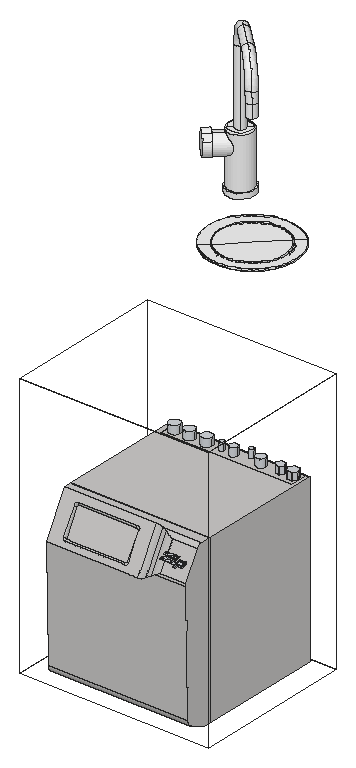
Revit family "PlumFixt_Zip Australia_Design Cube_B", category Plumbing Fixtures, Revit 2015 (continued)
Definition of nested family "z_PlumFixt_Zip Australia_Cube"
  Lines and regions (mm)
    symbolic lines, detail levels medium+fine
      curve 27: line (-44, 70.594, 98.98) -> (-44, 78.234, 110.119)
      curve 28: arc (-44, 78.234, 110.119) -> (-44, 87.5, 115) -> (-44, 96.766, 110.119) r 11.236
      curve 29: line (-44, 96.766, 110.119) -> (-44, 104.406, 98.98)
    symbolic lines, detail levels medium
      curve 32: arc (22.997, -84.5, 224.053) -> (18, -84.5, 223.908) -> (13.003, -84.5, 224.053) r 85.654
  Dimensions and locks
    plane 5 "Bottom" to plane 1 "Ref. Level" = 0 mm
    plane 4 "Left" to plane 2 "Center (Left/Right)" to plane 3 "Right" = 62 mm, 28 mm
    "Manufacturer_Overall Width": plane 4 "Left" to plane 3 "Right"
    "Manufacturer_Overall Depth": plane 10 "Back" to plane 8 "Front"
    equal spacing: plane 10 "Back", plane 7 "Center (Front/Back)", plane 8 "Front"
    plane 10 "Back" to plane 9 "Center of Tap" = 28 mm
    "Manufacturer_Overall Height": plane 6 "Top" to plane 5 "Bottom"
    plane 11 "Center (Elevation)" to plane 5 "Bottom" = 115 mm
    aligned and locked: plane 2 "Center (Left/Right)" to nested 1
    aligned and locked: plane 8 "Front" to nested 1
  Automatic sketch dimensions
    plane 3 "Right" to Revolve 1 sketch curve = 0 mm
    Revolve 1 sketch curve to plane 11 "Center (Elevation)" = 0 mm  (x2)
    Revolve 1 sketch curve to plane 2 "Center (Left/Right)" = 0 mm  (x2)
    Revolve 1 sketch curve to plane 5 "Bottom" = 0 mm
    plane 3 "Right" to Revolve 1 sketch curve = 4 mm
    Revolve 1 sketch curve to Revolve 1 sketch curve = 2 mm
    Revolve 1 sketch curve to Revolve 1 sketch curve = 10 mm
    Revolve 1 sketch curve to Revolve 1 sketch curve = 5 mm
    Sweep 2 sketch curve to plane 2 "Center (Left/Right)" = 0 mm
    Sweep 2 sketch curve to profile plane = 0 mm
    plane 4 "Left" to Sweep 4 sketch curve = 0 mm
    Sweep 4 sketch curve to plane 4 "Left" = 15 mm
    Sweep 4 sketch curve to plane 11 "Center (Elevation)" = 30 mm
    Sweep 4 sketch curve to plane 9 "Center of Tap" = 0 mm  (x2)
    profile plane to Sweep 4 sketch curve = 2.385 mm
    profile plane to Sweep 4 sketch curve = 13.98 mm  (x2)
    profile plane to Sweep 4 sketch curve = 18.764 mm
    Sweep 4 sketch curve to plane 9 "Center of Tap" = 9.266 mm
    Sweep 4 sketch curve to Sweep 4 sketch curve = 6.355 mm
    plane 9 "Center of Tap" to Sweep 4 sketch curve = 9.266 mm
    Sweep 4 sketch curve to Sweep 4 sketch curve = 7.64 mm
    Revolve 5 sketch curve to plane 2 "Center (Left/Right)" = 0 mm  (x2)
    Revolve 5 sketch curve to plane 4 "Left" = 16.502 mm
    Revolve 5 sketch curve to plane 4 "Left" = 15 mm
    Revolve 5 sketch curve to plane 11 "Center (Elevation)" = 28.115 mm
    Revolve 5 sketch curve to Revolve 5 sketch curve = 18.545 mm
    Revolve 5 sketch curve to Revolve 5 sketch curve = 20 mm
    Revolve 5 sketch curve to Revolve 5 sketch curve = 2.51 mm
    Revolve 5 sketch curve to Revolve 5 sketch curve = 0 mm
    Extrusion 6 sketch curve to plane 9 "Center of Tap" = 0 mm  (x2)
    plane 2 "Center (Left/Right)" to Extrusion 6 sketch curve = 7.35 mm
    Extrusion 6 sketch curve to plane 2 "Center (Left/Right)" = 7.35 mm
    Masking region 1 sketch curve to Masking region 1 sketch curve = 0 mm  (x2)
    Masking region 1 sketch curve to plane 4 "Left" = 0 mm
    Masking region 1 sketch curve to plane 2 "Center (Left/Right)" = 0 mm  (x2)
    Masking region 1 sketch curve to plane 9 "Center of Tap" = 0 mm
    Masking region 1 sketch curve to Masking region 1 sketch curve = 15 mm
    Masking region 1 sketch curve to plane 4 "Left" = 15 mm
    Masking region 1 sketch curve to Masking region 1 sketch curve = 1.502 mm  (x2)
    Masking region 1 sketch curve to plane 2 "Center (Left/Right)" = 19.596 mm  (x2)
    Masking region 1 sketch curve to plane 10 "Back" = 8 mm
    Masking region 1 sketch curve to plane 9 "Center of Tap" = 18.545 mm
    Masking region 1 sketch curve to plane 9 "Center of Tap" = 20 mm
    Masking region 1 sketch curve to Masking region 1 sketch curve = 0.5 mm
    plane 8 "Front" to Masking region 1 sketch curve = 10.001 mm
    Masking region 1 sketch curve to Masking region 1 sketch curve = 1.455 mm
    Masking region 1 sketch curve to plane 10 "Back" = 7.5 mm
    plane 2 "Center (Left/Right)" to Masking region 1 sketch curve = 10 mm
    plane 3 "Right" to Masking region 2 sketch curve = 0 mm
    Masking region 2 sketch curve to plane 11 "Center (Elevation)" = 0 mm  (x3)
    Masking region 2 sketch curve to plane 2 "Center (Left/Right)" = 0 mm
    plane 5 "Bottom" to Masking region 2 sketch curve = 2.756 mm
    plane 4 "Left" to Masking region 2 sketch curve = 0 mm
    plane 3 "Right" to Masking region 2 sketch curve = 4 mm
    Masking region 2 sketch curve to plane 11 "Center (Elevation)" = 2 mm  (x2)
    plane 2 "Center (Left/Right)" to Masking region 2 sketch curve = 10 mm
    Masking region 2 sketch curve to Masking region 2 sketch curve = 12 mm
    plane 5 "Bottom" to Masking region 2 sketch curve = 10 mm  (x2)
    Masking region 2 sketch curve to plane 2 "Center (Left/Right)" = 24 mm
    Masking region 2 sketch curve to Masking region 2 sketch curve = 4 mm
    Masking region 2 sketch curve to plane 4 "Left" = 16.502 mm  (x2)
    Masking region 2 sketch curve to Masking region 2 sketch curve = 1.502 mm  (x2)
    Masking region 2 sketch curve to plane 11 "Center (Elevation)" = 48.115 mm
    Masking region 2 sketch curve to Masking region 2 sketch curve = 0 mm
    Masking region 2 sketch curve to Masking region 2 sketch curve = 1.455 mm  (x2)
    Masking region 2 sketch curve to plane 11 "Center (Elevation)" = 9.57 mm
    Masking region 2 sketch curve to plane 6 "Top" = 10 mm
    plane 8 "Front" to Revolve 3 sketch curve = 9.809 mm
    plane 8 "Front" to Revolve 3 sketch curve = 12.102 mm  (x2)
    Revolve 3 sketch curve to Revolve 3 sketch curve = 0.15 mm
    Revolve 3 sketch curve to plane 6 "Top" = 103.622 mm
    Revolve 3 sketch curve to Revolve 3 sketch curve = 0.413 mm  (x2)
    Revolve 3 sketch curve to Revolve 3 sketch curve = 2.565 mm
    Revolve 3 sketch curve to Revolve 3 sketch curve = 0.151 mm
    Revolve 3 sketch curve to Revolve 3 sketch curve = 0.997 mm
    Revolve 3 sketch curve to Revolve 3 sketch curve = 0 mm
    Revolve 3 sketch curve to Revolve 3 sketch curve = 4.983 mm
    Revolve 3 sketch curve to Revolve 3 sketch curve = 4.98 mm
    Sweep 2 sketch curve to plane 9 "Center of Tap" = 0 mm
    Sweep 2 sketch curve to plane 11 "Center (Elevation)" = 0 mm
    Sweep 2 sketch curve to plane 6 "Top" = 10 mm
    plane 7 "Center (Front/Back)" to Sweep 2 sketch curve = 22 mm
    Sweep 2 sketch curve to plane 7 "Center (Front/Back)" = 36.436 mm
    plane 8 "Front" to Sweep 2 sketch curve = 13.735 mm
    Sweep 2 sketch curve to Sweep 2 sketch curve = 50 mm
    plane 8 "Front" to Sweep 2 sketch curve = 12.024 mm
    Sweep 2 sketch curve to Sweep 2 sketch curve = 20.633 mm
    curve 22 to plane 11 "Center (Elevation)" = 0 mm
    curve 28 to plane 9 "Center of Tap" = 0 mm
    curve 26 to plane 9 "Center of Tap" = 0 mm
    plane 9 "Center of Tap" to curve 29 = 9.266 mm
    curve 29 to plane 10 "Back" = 11.094 mm
    curve 27 to plane 11 "Center (Elevation)" = 4.881 mm
    curve 27 to plane 9 "Center of Tap" = 9.266 mm
    curve 28 to curve 27 = 7.64 mm
    curve 28 to curve 27 = 6.355 mm
    curve 29 to curve 29 = 11.139 mm
    curve 26 to curve 28 = 16.379 mm
    curve 22 to curve 29 = 0.734 mm
    curve 21 to plane 10 "Back" = 4 mm
    curve 28 to curve 22 = 0.734 mm
    plane 5 "Bottom" to curve 21 = 10 mm
    curve 21 to plane 9 "Center of Tap" = 24 mm
    plane 8 "Front" to curve 23 = 21.859 mm
    curve 23 to curve 24 = 0.073 mm  (x2)
    plane 8 "Front" to curve 25 = 14.939 mm
    plane 8 "Front" to curve 25 = 4.98 mm
    plane 8 "Front" to curve 23 = 3.061 mm
    curve 25 to plane 6 "Top" = 101.814 mm
    curve 25 to curve 25 = 0.826 mm
    curve 25 to curve 24 = 23.62 mm
    curve 24 to curve 23 = 0.877 mm  (x2)
    curve 24 to curve 24 = 1.559 mm
    Masking region 3 sketch curve to Masking region 3 sketch curve = 0 mm  (x4)
    plane 5 "Bottom" to Masking region 3 sketch curve = 0 mm
    plane 11 "Center (Elevation)" to Masking region 3 sketch curve = 0 mm  (x2)
    plane 6 "Top" to Masking region 3 sketch curve = 0 mm
    plane 8 "Front" to Masking region 3 sketch curve = 200 mm
    Masking region 3 sketch curve to plane 11 "Center (Elevation)" = 2 mm  (x2)
    Masking region 3 sketch curve to Masking region 3 sketch curve = 4 mm  (x2)
    Masking region 3 sketch curve to Masking region 3 sketch curve = 12 mm  (x2)
    Masking region 3 sketch curve to Masking region 3 sketch curve = 20 mm
    Masking region 3 sketch curve to Masking region 3 sketch curve = 40 mm
    Masking region 3 sketch curve to Masking region 3 sketch curve = 58.436 mm
    Masking region 3 sketch curve to plane 6 "Top" = 56.695 mm
    Masking region 3 sketch curve to Masking region 3 sketch curve = 39.863 mm
    Masking region 3 sketch curve to plane 6 "Top" = 77.328 mm
    Masking region 3 sketch curve to Masking region 3 sketch curve = 1.711 mm
    Masking region 3 sketch curve to plane 6 "Top" = 78.205 mm
    Masking region 3 sketch curve to Masking region 3 sketch curve = 0.079 mm
    Masking region 3 sketch curve to plane 6 "Top" = 77.245 mm
    Masking region 3 sketch curve to plane 6 "Top" = 102.227 mm
    Masking region 3 sketch curve to plane 6 "Top" = 101.814 mm
    Masking region 3 sketch curve to plane 6 "Top" = 103.622 mm
    Masking region 3 sketch curve to plane 6 "Top" = 100.988 mm
    Masking region 3 sketch curve to Masking region 3 sketch curve = 9.959 mm
    Masking region 3 sketch curve to plane 6 "Top" = 55.042 mm
    Masking region 3 sketch curve to plane 6 "Top" = 75.759 mm
    Masking region 3 sketch curve to Masking region 3 sketch curve = 17.925 mm
    Masking region 3 sketch curve to plane 6 "Top" = 76.636 mm
    Masking region 3 sketch curve to plane 6 "Top" = 76.553 mm
    plane 5 "Bottom" to Masking region 3 sketch curve = 10 mm  (x2)
    curve 5 to curve 6 = 0 mm  (x2)
    curve 5 to plane 9 "Center of Tap" = 0 mm
    curve 7 to plane 2 "Center (Left/Right)" = 0 mm
    curve 6 to plane 2 "Center (Left/Right)" = 0 mm
    curve 3 to curve 6 = 10 mm
    plane 8 "Front" to curve 7 = 12.161 mm
    curve 7 to plane 2 "Center (Left/Right)" = 10 mm
    curve 31 to curve 6 = 3.266 mm
    curve 30 to plane 2 "Center (Left/Right)" = 13.266 mm
    curve 31 to curve 31 = 6.329 mm
    curve 30 to curve 30 = 6.329 mm
    curve 2 to plane 4 "Left" = 16.502 mm
    curve 1 to curve 2 = 1.502 mm
    plane 2 "Center (Left/Right)" to curve 7 = 10 mm
    curve 1 to plane 9 "Center of Tap" = 18.545 mm
    curve 1 to curve 2 = 0 mm  (x2)
    curve 31 to plane 9 "Center of Tap" = 20 mm
    curve 4 to curve 6 = 4.336 mm
    curve 3 to curve 6 = 4.336 mm
    plane 8 "Front" to curve 7 = 10.001 mm
    curve 2 to plane 10 "Back" = 9.455 mm
    curve 11 to plane 11 "Center (Elevation)" = 0 mm
    curve 32 to plane 2 "Center (Left/Right)" = 0 mm
    curve 13 to plane 2 "Center (Left/Right)" = 0 mm
    curve 18 to plane 2 "Center (Left/Right)" = 0 mm
    curve 17 to plane 2 "Center (Left/Right)" = 0 mm
    curve 14 to plane 2 "Center (Left/Right)" = 0 mm
    curve 10 to plane 4 "Left" = 15.639 mm
    curve 10 to plane 11 "Center (Elevation)" = 28.115 mm
    curve 32 to plane 6 "Top" = 16.439 mm
    plane 2 "Center (Left/Right)" to curve 20 = 4.997 mm
    plane 2 "Center (Left/Right)" to curve 16 = 8.983 mm
    curve 14 to curve 16 = 1.011 mm
    curve 13 to curve 14 = 0.007 mm
    plane 2 "Center (Left/Right)" to curve 11 = 10 mm
    plane 3 "Right" to curve 12 = 4 mm
    curve 15 to curve 14 = 1.011 mm
    curve 19 to curve 17 = 4.997 mm
    curve 11 to plane 2 "Center (Left/Right)" = 10 mm
    curve 10 to plane 2 "Center (Left/Right)" = 24 mm
    curve 10 to plane 11 "Center (Elevation)" = 8.115 mm
    curve 11 to curve 10 = 14 mm
    plane 5 "Bottom" to curve 12 = 10 mm
    curve 12 to plane 2 "Center (Left/Right)" = 24 mm
    curve 9 to plane 4 "Left" = 16.502 mm
    curve 9 to curve 8 = 1.502 mm
    curve 9 to plane 11 "Center (Elevation)" = 9.57 mm
    curve 8 to curve 9 = 0 mm
    curve 8 to curve 10 = 18.545 mm
    curve 9 to curve 8 = 0 mm
    curve 20 to curve 32 = 86.879 mm
    curve 19 to curve 20 = 0 mm
    curve 18 to curve 19 = 0 mm
    curve 20 to curve 32 = 1.371 mm
    curve 17 to curve 32 = 0 mm
    curve 18 to curve 17 = 1.812 mm
    curve 20 to curve 16 = 23.555 mm
    curve 15 to curve 14 = 0.223 mm
    curve 14 to curve 13 = 0.834 mm
    curve 13 to curve 15 = 0.363 mm
    radius of Sweep 2 sketch curve = 10 mm
    radius of Extrusion 6 sketch curve = 6.35 mm  (x2)
  Nested families
    nested 1: "z_PlumFixt_Zip Australia_Font" at (17, -99.5, 0), visible <- "Font", type <- "Font Type", type "Bright Chrome"
  Definition of nested family "z_PlumFixt_Zip Australia_Font"
    Parameters (values of type "Bright Chrome")
      Waste Connection = yes
      Vent Connection = no
      URL = "https://www.zipwater.com/"
      Type Comments = ""
      ModifiedIssue_ANZRS = 20180108
      Model = "93441 - Bright Chrome"
      Manufacturer_URL__Product Specific = "https://www.zipwater.com/shop/hydrotap-accessories/font-stand-alone-design-range-arc-cube-elite-nickel"
      Manufacturer_Spec Code = "93441"
      Manufacturer_Overall Width = 176 mm  # constant formula
      Manufacturer_Overall Height = 52 mm  # constant formula
      Manufacturer_Overall Depth = 176 mm  # constant formula
      Manufacturer = "Zip Australia"  # constant formula
      HW Connection = no
      Fixture Material = none
      Description = ""
      Default Elevation = 0 mm
      CreatedBy_ANZRS = "UNIFI Labs"  # constant formula
      CreatedByURL_ANZRS = "http://www.unifilabs.com/"
      CW Connection = no
    Types (12, lengths in mm): name | Model | Manufacturer_Spec Code
      Bright Chrome | "93441 - Bright Chrome" | "93441"
      Brushed Chrome | "93441Z1 - Brushed Chrome" | "93441Z1"
      Gloss Black | "93441Z2 - Gloss Black" | "93441Z2"
      Matte Black | "93441Z3 - Matte Black" | "93441Z3"
      Rose Gold | "93441Z4 - Rose Gold" | "93441Z4"
      Brushed Rose Gold | "93441Z5 - Brushed Rose Gold" | "93441Z5"
      Gold | "93441Z6 - Gold" | "93441Z6"
      Brushed Gold | "93441Z7 - Brushed Gold" | "93441Z7"
      Platinum | "93441Z8 - Platinum" | "93441Z8"
      Gunmetal | "93441Z9 - Gunmetal" | "93441Z9"
      Nickel | "93441Z10 - Nickel" | "93441Z10"
      Brushed Nickel | "93441Z11 - Brushed Nickel" | "93441Z11"
    Reference planes
      plane 1 "Ref. Level": z = 0
      plane 2 "Center (Left/Right)": x = 1
      plane 3 "Right": x = 89
      plane 4 "Left": x = -87
      plane 5 "Bottom": z = -49.244
      plane 6 "Top": z = 2.756
      plane 7 "Back": y = 103
      plane 8 "Center (Front/Back)": y = 15
      plane 9 "Front": y = -73
      plane 10 "Top of benchtop": z = 0
    Forms (mm)
      Revolve 1, solid, material <- "Fixture Material", detail levels fine
        sketch origin (0, 15, 0) x (-1, 0, 0) y (0, 0, 1)
          loop
            arc (87, 2.238) -> (86.848, 2.604) -> (86.482, 2.756) r 0.518
            line (86.482, 2.756) -> (65.186, 2.756)
            arc (65.186, 2.756) -> (64.832, 2.609) -> (64.686, 2.256) r 0.5
            line (64.686, 2.256) -> (64.686, 0.228)
            arc (64.686, 0.228) -> (64.492, -0.239) -> (64.025, -0.433) r 0.66
            line (64.025, -0.433) -> (54.875, -0.433)
            arc (54.875, -0.433) -> (34.072, -8.514) -> (12.214, -13.021) r 133.612
            arc (12.214, -13.021) -> (10.341, -13.802) -> (9.153, -15.446) r 3.733
            arc (9.153, -15.446) -> (8.93, -16.276) -> (8.855, -17.133) r 4.915
            line (8.855, -17.133) -> (8.855, -43.246) -> (9.918, -43.246) -> (9.918, -17.085)
            arc (9.918, -17.085) -> (10.424, -16.452) -> (11.179, -16.158) r 1.563
            arc (11.179, -16.158) -> (33.913, -11.683) -> (55.564, -3.431) r 136.611
            line (55.564, -3.431) -> (63.781, -3.431)
            arc (63.781, -3.431) -> (66.207, -2.426) -> (67.212, 0) r 3.431
            line (67.212, 0) -> (87, 0) -> (87, 2.238)
          axis (-1, 2.756) -> (-1, -43.246)
        angle from 0 to 360
      Revolve 2, solid, material <- "Fixture Material", detail levels fine
        sketch origin (0, 15, 0) x (-1, 0, 0) y (0, 0, 1)
          loop
            line (-1, 2.656) -> (-65.366, 2.656)
            arc (-65.366, 2.656) -> (-66.644, 1.378) -> (-65.366, 0.1) r 1.278
            line (-65.366, 0.1) -> (-1, 0.1) -> (-1, 2.656)
          axis (-1, 2.656) -> (-1, 0.1)
        angle from 0 to 360
      Extrusion 3, solid, material <- "Fixture Material", detail levels coarse+medium
        sketch origin (0, 0, 0) x (0, 1, 0) y (-1, 0, 0)
          loop
            circle (15, -1) r 88
        from 0 to 2.756
      Revolve 4, solid, material <- "Fixture Material", detail levels coarse+medium
        sketch origin (0, 15, 0) x (-1, 0, 0) y (0, 0, 1)
          loop
            line (67.212, -3.431) -> (67.212, 0) -> (-1, 0) -> (-1, -43.246) -> (9.918, -43.246) -> (9.918, -16.291)
            arc (9.918, -16.291) -> (33.303, -11.857) -> (55.564, -3.431) r 136.611
            line (55.564, -3.431) -> (67.212, -3.431)
          axis (-1, 0) -> (-1, -43.246)
        angle from 0 to 360
    Lines and regions (mm)
      Masking region 1
        outline origin (0, 0, 2.756) x (0, 1, 0) y (-1, 0, 0)
          loop
            circle (15, -1) r 88
      Masking region 2
        outline origin (0, -73, 0) x (-1, 0, 0) y (0, 0, 1)
          loop
            line (87, 2.756) -> (-89, 2.756) -> (-89, 0) -> (87, 0) -> (87, 2.756)
      Masking region 3
        outline origin (-87, 0, 0) x (0, -1, 0) y (0, 0, 1)
          loop
            line (73, 2.756) -> (-103, 2.756) -> (-103, 0) -> (73, 0) -> (73, 2.756)
      symbolic lines, detail levels medium+fine
        curve 1: circle (1, 15, 2.756) r 65.635 normal (0, 0, 1)
      model lines, detail levels coarse+medium
        curve 2: circle (1, 15, 2.756) r 65.635 normal (0, 0, 1)
    Dimensions and locks
      plane 10 "Top of benchtop" to plane 1 "Ref. Level" = 0 mm
      "Manufacturer_Overall Width": plane 4 "Left" to plane 3 "Right"
      "Manufacturer_Overall Depth": plane 7 "Back" to plane 9 "Front"
      equal spacing: plane 4 "Left", plane 2 "Center (Left/Right)", plane 3 "Right"
      equal spacing: plane 7 "Back", plane 8 "Center (Front/Back)", plane 9 "Front"
      "Manufacturer_Overall Height": plane 6 "Top" to plane 5 "Bottom"
      locked: plane 6 "Top" to plane 10 "Top of benchtop" at 2.756
      aligned and locked: plane 6 "Top" to Extrusion 3
      aligned and locked: plane 2 "Center (Left/Right)" to Revolve 4 sketch curve  (x2)
      aligned and locked: plane 10 "Top of benchtop" to Revolve 4 sketch curve
    Automatic sketch dimensions
      Revolve 2 sketch curve to plane 2 "Center (Left/Right)" = 0 mm  (x2)
      Revolve 2 sketch curve to plane 6 "Top" = 0.1 mm
      plane 3 "Right" to Revolve 2 sketch curve = 23.634 mm
      Revolve 2 sketch curve to Revolve 2 sketch curve = 1.278 mm
      Revolve 2 sketch curve to plane 5 "Bottom" = 10.902 mm
      plane 6 "Top" to Revolve 2 sketch curve = 2.098 mm
      plane 3 "Right" to Masking region 2 sketch curve = 0 mm
      plane 4 "Left" to Masking region 2 sketch curve = 0 mm
      Masking region 2 sketch curve to plane 6 "Top" = 0 mm
      Masking region 3 sketch curve to plane 6 "Top" = 0 mm
      Masking region 3 sketch curve to plane 7 "Back" = 0 mm
      Masking region 3 sketch curve to plane 9 "Front" = 0 mm
      Masking region 1 sketch curve to Masking region 1 sketch curve = 0 mm  (x2)
      Masking region 1 sketch curve to plane 3 "Right" = 0 mm
      Masking region 1 sketch curve to plane 8 "Center (Front/Back)" = 0 mm
      Masking region 1 sketch curve to plane 2 "Center (Left/Right)" = 0 mm
      Masking region 2 sketch curve to plane 6 "Top" = 2.756 mm
      Masking region 3 sketch curve to plane 10 "Top of benchtop" = 0 mm
      Revolve 1 sketch curve to plane 2 "Center (Left/Right)" = 0 mm
      Revolve 1 sketch curve to plane 10 "Top of benchtop" = 0 mm
      Revolve 1 sketch curve to plane 6 "Top" = 0 mm
      plane 4 "Left" to Revolve 1 sketch curve = 0 mm
      plane 2 "Center (Left/Right)" to Revolve 1 sketch curve = 2.742 mm
      Revolve 1 sketch curve to Revolve 1 sketch curve = 0 mm  (x2)
      Revolve 1 sketch curve to plane 2 "Center (Left/Right)" = 9.855 mm
      Revolve 1 sketch curve to Revolve 1 sketch curve = 1.063 mm
      Revolve 1 sketch curve to Revolve 1 sketch curve = 1.432 mm
      Revolve 1 sketch curve to Revolve 1 sketch curve = 1.31 mm
      Revolve 1 sketch curve to Revolve 1 sketch curve = 1.111 mm
      Revolve 1 sketch curve to plane 10 "Top of benchtop" = 0.433 mm
      Revolve 1 sketch curve to plane 4 "Left" = 32.125 mm
      Revolve 1 sketch curve to Revolve 1 sketch curve = 0.689 mm
      Revolve 1 sketch curve to plane 10 "Top of benchtop" = 3.431 mm
      Revolve 1 sketch curve to Revolve 1 sketch curve = 8.217 mm
      Revolve 1 sketch curve to Revolve 1 sketch curve = 0.244 mm
      Revolve 1 sketch curve to plane 6 "Top" = 0.5 mm
      Revolve 1 sketch curve to Revolve 1 sketch curve = 0.66 mm
      Revolve 1 sketch curve to plane 4 "Left" = 0.518 mm
      Revolve 1 sketch curve to plane 10 "Top of benchtop" = 16.727 mm
      Revolve 1 sketch curve to Revolve 1 sketch curve = 0.359 mm
      Revolve 1 sketch curve to Revolve 1 sketch curve = 0.047 mm
      Revolve 1 sketch curve to Revolve 1 sketch curve = 0.626 mm
      plane 5 "Bottom" to Revolve 1 sketch curve = 5.998 mm
      plane 6 "Top" to Revolve 1 sketch curve = 116.879 mm
      Revolve 1 sketch curve to Revolve 1 sketch curve = 0.001 mm
      Revolve 1 sketch curve to level = 132.9 mm
      Revolve 1 sketch curve to Revolve 1 sketch curve = 131.339 mm
      Extrusion 3 sketch curve to plane 2 "Center (Left/Right)" = 0 mm
      Extrusion 3 sketch curve to plane 8 "Center (Front/Back)" = 0 mm
      curve 1 to curve 2 = 0 mm  (x2)
      curve 2 to plane 2 "Center (Left/Right)" = 0 mm
      curve 2 to plane 8 "Center (Front/Back)" = 0 mm
      plane 2 "Center (Left/Right)" to Revolve 4 sketch curve = 2.742 mm
      Revolve 4 sketch curve to plane 2 "Center (Left/Right)" = 10.918 mm
      Revolve 4 sketch curve to plane 10 "Top of benchtop" = 3.431 mm
      Revolve 4 sketch curve to plane 4 "Left" = 31.436 mm
      Revolve 4 sketch curve to Revolve 4 sketch curve = 11.649 mm
      Revolve 4 sketch curve to Revolve 4 sketch curve = 16.291 mm
      plane 5 "Bottom" to Revolve 4 sketch curve = 5.998 mm
      Revolve 4 sketch curve to plane 5 "Bottom" = 61.664 mm
      Revolve 4 sketch curve to Revolve 4 sketch curve = 13.313 mm
      radius of Extrusion 3 sketch curve = 88 mm
      radius of curve 1 = 65.635 mm
      radius of curve 2 = 65.635 mm
Definition of nested family "z_PlumFixt_Zip Australia_Font"
  Parameters (values of type "Bright Chrome")
    Waste Connection = yes
    Vent Connection = no
    URL = "https://www.zipwater.com/"
    Type Comments = ""
    ModifiedIssue_ANZRS = 20180108
    Model = "93441 - Bright Chrome"
    Manufacturer_URL__Product Specific = "https://www.zipwater.com/shop/hydrotap-accessories/font-stand-alone-design-range-arc-cube-elite-nickel"
    Manufacturer_Spec Code = "93441"
    Manufacturer_Overall Width = 176 mm  # constant formula
    Manufacturer_Overall Height = 52 mm  # constant formula
    Manufacturer_Overall Depth = 176 mm  # constant formula
    Manufacturer = "Zip Australia"  # constant formula
    HW Connection = no
    Fixture Material = none
    Description = ""
    Default Elevation = 0 mm
    CreatedBy_ANZRS = "UNIFI Labs"  # constant formula
    CreatedByURL_ANZRS = "http://www.unifilabs.com/"
    CW Connection = no
  Types (12, lengths in mm): name | Model | Manufacturer_Spec Code
    Bright Chrome | "93441 - Bright Chrome" | "93441"
    Brushed Chrome | "93441Z1 - Brushed Chrome" | "93441Z1"
    Gloss Black | "93441Z2 - Gloss Black" | "93441Z2"
    Matte Black | "93441Z3 - Matte Black" | "93441Z3"
    Rose Gold | "93441Z4 - Rose Gold" | "93441Z4"
    Brushed Rose Gold | "93441Z5 - Brushed Rose Gold" | "93441Z5"
    Gold | "93441Z6 - Gold" | "93441Z6"
    Brushed Gold | "93441Z7 - Brushed Gold" | "93441Z7"
    Platinum | "93441Z8 - Platinum" | "93441Z8"
    Gunmetal | "93441Z9 - Gunmetal" | "93441Z9"
    Nickel | "93441Z10 - Nickel" | "93441Z10"
    Brushed Nickel | "93441Z11 - Brushed Nickel" | "93441Z11"
  Reference planes
    plane 1 "Ref. Level": z = 0
    plane 2 "Center (Left/Right)": x = 1
    plane 3 "Right": x = 89
    plane 4 "Left": x = -87
    plane 5 "Bottom": z = -49.244
    plane 6 "Top": z = 2.756
    plane 7 "Back": y = 103
    plane 8 "Center (Front/Back)": y = 15
    plane 9 "Front": y = -73
    plane 10 "Top of benchtop": z = 0
  Forms (mm)
    Revolve 1, solid, material <- "Fixture Material", detail levels fine
      sketch origin (0, 15, 0) x (-1, 0, 0) y (0, 0, 1)
        loop
          arc (87, 2.238) -> (86.848, 2.604) -> (86.482, 2.756) r 0.518
          line (86.482, 2.756) -> (65.186, 2.756)
          arc (65.186, 2.756) -> (64.832, 2.609) -> (64.686, 2.256) r 0.5
          line (64.686, 2.256) -> (64.686, 0.228)
          arc (64.686, 0.228) -> (64.492, -0.239) -> (64.025, -0.433) r 0.66
          line (64.025, -0.433) -> (54.875, -0.433)
          arc (54.875, -0.433) -> (34.072, -8.514) -> (12.214, -13.021) r 133.612
          arc (12.214, -13.021) -> (10.341, -13.802) -> (9.153, -15.446) r 3.733
          arc (9.153, -15.446) -> (8.93, -16.276) -> (8.855, -17.133) r 4.915
          line (8.855, -17.133) -> (8.855, -43.246) -> (9.918, -43.246) -> (9.918, -17.085)
          arc (9.918, -17.085) -> (10.424, -16.452) -> (11.179, -16.158) r 1.563
          arc (11.179, -16.158) -> (33.913, -11.683) -> (55.564, -3.431) r 136.611
          line (55.564, -3.431) -> (63.781, -3.431)
          arc (63.781, -3.431) -> (66.207, -2.426) -> (67.212, 0) r 3.431
          line (67.212, 0) -> (87, 0) -> (87, 2.238)
        axis (-1, 2.756) -> (-1, -43.246)
      angle from 0 to 360
    Revolve 2, solid, material <- "Fixture Material", detail levels fine
      sketch origin (0, 15, 0) x (-1, 0, 0) y (0, 0, 1)
        loop
          line (-1, 2.656) -> (-65.366, 2.656)
          arc (-65.366, 2.656) -> (-66.644, 1.378) -> (-65.366, 0.1) r 1.278
          line (-65.366, 0.1) -> (-1, 0.1) -> (-1, 2.656)
        axis (-1, 2.656) -> (-1, 0.1)
      angle from 0 to 360
    Extrusion 3, solid, material <- "Fixture Material", detail levels coarse+medium
      sketch origin (0, 0, 0) x (0, 1, 0) y (-1, 0, 0)
        loop
          circle (15, -1) r 88
      from 0 to 2.756
    Revolve 4, solid, material <- "Fixture Material", detail levels coarse+medium
      sketch origin (0, 15, 0) x (-1, 0, 0) y (0, 0, 1)
        loop
          line (67.212, -3.431) -> (67.212, 0) -> (-1, 0) -> (-1, -43.246) -> (9.918, -43.246) -> (9.918, -16.291)
          arc (9.918, -16.291) -> (33.303, -11.857) -> (55.564, -3.431) r 136.611
          line (55.564, -3.431) -> (67.212, -3.431)
        axis (-1, 0) -> (-1, -43.246)
      angle from 0 to 360
  Lines and regions (mm)
    Masking region 1
      outline origin (0, 0, 2.756) x (0, 1, 0) y (-1, 0, 0)
        loop
          circle (15, -1) r 88
    Masking region 2
      outline origin (0, -73, 0) x (-1, 0, 0) y (0, 0, 1)
        loop
          line (87, 2.756) -> (-89, 2.756) -> (-89, 0) -> (87, 0) -> (87, 2.756)
    Masking region 3
      outline origin (-87, 0, 0) x (0, -1, 0) y (0, 0, 1)
        loop
          line (73, 2.756) -> (-103, 2.756) -> (-103, 0) -> (73, 0) -> (73, 2.756)
    symbolic lines, detail levels medium+fine
      curve 1: circle (1, 15, 2.756) r 65.635 normal (0, 0, 1)
    model lines, detail levels coarse+medium
      curve 2: circle (1, 15, 2.756) r 65.635 normal (0, 0, 1)
  Dimensions and locks
    plane 10 "Top of benchtop" to plane 1 "Ref. Level" = 0 mm
    "Manufacturer_Overall Width": plane 4 "Left" to plane 3 "Right"
    "Manufacturer_Overall Depth": plane 7 "Back" to plane 9 "Front"
    equal spacing: plane 4 "Left", plane 2 "Center (Left/Right)", plane 3 "Right"
    equal spacing: plane 7 "Back", plane 8 "Center (Front/Back)", plane 9 "Front"
    "Manufacturer_Overall Height": plane 6 "Top" to plane 5 "Bottom"
    locked: plane 6 "Top" to plane 10 "Top of benchtop" at 2.756
    aligned and locked: plane 6 "Top" to Extrusion 3
    aligned and locked: plane 2 "Center (Left/Right)" to Revolve 4 sketch curve  (x2)
    aligned and locked: plane 10 "Top of benchtop" to Revolve 4 sketch curve
  Automatic sketch dimensions
    Revolve 2 sketch curve to plane 2 "Center (Left/Right)" = 0 mm  (x2)
    Revolve 2 sketch curve to plane 6 "Top" = 0.1 mm
    plane 3 "Right" to Revolve 2 sketch curve = 23.634 mm
    Revolve 2 sketch curve to Revolve 2 sketch curve = 1.278 mm
    Revolve 2 sketch curve to plane 5 "Bottom" = 10.902 mm
    plane 6 "Top" to Revolve 2 sketch curve = 2.098 mm
    plane 3 "Right" to Masking region 2 sketch curve = 0 mm
    plane 4 "Left" to Masking region 2 sketch curve = 0 mm
    Masking region 2 sketch curve to plane 6 "Top" = 0 mm
    Masking region 3 sketch curve to plane 6 "Top" = 0 mm
    Masking region 3 sketch curve to plane 7 "Back" = 0 mm
    Masking region 3 sketch curve to plane 9 "Front" = 0 mm
    Masking region 1 sketch curve to Masking region 1 sketch curve = 0 mm  (x2)
    Masking region 1 sketch curve to plane 3 "Right" = 0 mm
    Masking region 1 sketch curve to plane 8 "Center (Front/Back)" = 0 mm
    Masking region 1 sketch curve to plane 2 "Center (Left/Right)" = 0 mm
    Masking region 2 sketch curve to plane 6 "Top" = 2.756 mm
    Masking region 3 sketch curve to plane 10 "Top of benchtop" = 0 mm
    Revolve 1 sketch curve to plane 2 "Center (Left/Right)" = 0 mm
    Revolve 1 sketch curve to plane 10 "Top of benchtop" = 0 mm
    Revolve 1 sketch curve to plane 6 "Top" = 0 mm
    plane 4 "Left" to Revolve 1 sketch curve = 0 mm
    plane 2 "Center (Left/Right)" to Revolve 1 sketch curve = 2.742 mm
    Revolve 1 sketch curve to Revolve 1 sketch curve = 0 mm  (x2)
    Revolve 1 sketch curve to plane 2 "Center (Left/Right)" = 9.855 mm
    Revolve 1 sketch curve to Revolve 1 sketch curve = 1.063 mm
    Revolve 1 sketch curve to Revolve 1 sketch curve = 1.432 mm
    Revolve 1 sketch curve to Revolve 1 sketch curve = 1.31 mm
    Revolve 1 sketch curve to Revolve 1 sketch curve = 1.111 mm
    Revolve 1 sketch curve to plane 10 "Top of benchtop" = 0.433 mm
    Revolve 1 sketch curve to plane 4 "Left" = 32.125 mm
    Revolve 1 sketch curve to Revolve 1 sketch curve = 0.689 mm
    Revolve 1 sketch curve to plane 10 "Top of benchtop" = 3.431 mm
    Revolve 1 sketch curve to Revolve 1 sketch curve = 8.217 mm
    Revolve 1 sketch curve to Revolve 1 sketch curve = 0.244 mm
    Revolve 1 sketch curve to plane 6 "Top" = 0.5 mm
    Revolve 1 sketch curve to Revolve 1 sketch curve = 0.66 mm
    Revolve 1 sketch curve to plane 4 "Left" = 0.518 mm
    Revolve 1 sketch curve to plane 10 "Top of benchtop" = 16.727 mm
    Revolve 1 sketch curve to Revolve 1 sketch curve = 0.359 mm
    Revolve 1 sketch curve to Revolve 1 sketch curve = 0.047 mm
    Revolve 1 sketch curve to Revolve 1 sketch curve = 0.626 mm
    plane 5 "Bottom" to Revolve 1 sketch curve = 5.998 mm
    plane 6 "Top" to Revolve 1 sketch curve = 116.879 mm
    Revolve 1 sketch curve to Revolve 1 sketch curve = 0.001 mm
    Revolve 1 sketch curve to level = 132.9 mm
    Revolve 1 sketch curve to Revolve 1 sketch curve = 131.339 mm
    Extrusion 3 sketch curve to plane 2 "Center (Left/Right)" = 0 mm
    Extrusion 3 sketch curve to plane 8 "Center (Front/Back)" = 0 mm
    curve 1 to curve 2 = 0 mm  (x2)
    curve 2 to plane 2 "Center (Left/Right)" = 0 mm
    curve 2 to plane 8 "Center (Front/Back)" = 0 mm
    plane 2 "Center (Left/Right)" to Revolve 4 sketch curve = 2.742 mm
    Revolve 4 sketch curve to plane 2 "Center (Left/Right)" = 10.918 mm
    Revolve 4 sketch curve to plane 10 "Top of benchtop" = 3.431 mm
    Revolve 4 sketch curve to plane 4 "Left" = 31.436 mm
    Revolve 4 sketch curve to Revolve 4 sketch curve = 11.649 mm
    Revolve 4 sketch curve to Revolve 4 sketch curve = 16.291 mm
    plane 5 "Bottom" to Revolve 4 sketch curve = 5.998 mm
    Revolve 4 sketch curve to plane 5 "Bottom" = 61.664 mm
    Revolve 4 sketch curve to Revolve 4 sketch curve = 13.313 mm
    radius of Extrusion 3 sketch curve = 88 mm
    radius of curve 1 = 65.635 mm
    radius of curve 2 = 65.635 mm
Types (12, lengths in mm): name | Type Comments | Tap | Model | Manufacturer_Spec Code
  Bright Chrome | "HydroTap Cube B - Bright Chrome" | z_PlumFixt_Zip Australia_Cube : Bright Chrome | "HT3786 - Bright Chrome" | "HT3786"
  Brushed Chrome | "HydroTap Cube B - Brushed Chrome" | z_PlumFixt_Zip Australia_Cube : Brushed Chrome | "HT3786Z1 - Brushed Chrome" | "HT3786Z1"
  Gloss Black | "HydroTap Cube B - Gloss Black" | z_PlumFixt_Zip Australia_Cube : Gloss Black | "HT3786Z2 - Gloss Black" | "HT3786Z2"
  Matte Black | "HydroTap Cube B - Matte Black" | z_PlumFixt_Zip Australia_Cube : Matte Black | "HT3786Z3 - Matte Black" | "HT3786Z3"
  Rose Gold | "HydroTap Cube B - Rose Gold" | z_PlumFixt_Zip Australia_Cube : Rose Gold | "HT3786Z4 - Rose Gold" | "HT3786Z4"
  Brushed Rose Gold | "HydroTap Cube B - Brushed Rose Gold" | z_PlumFixt_Zip Australia_Cube : Brushed Rose Gold | "HT3786Z5 - Brushed Rose Gold" | "HT3786Z5"
  Gold | "HydroTap Cube B - Gold" | z_PlumFixt_Zip Australia_Cube : Gold | "HT3786Z6 - Gold" | "HT3786Z6"
  Brushed Gold | "HydroTap Cube B - Brushed Gold" | z_PlumFixt_Zip Australia_Cube : Brushed Gold | "HT3786Z7 - Brushed Gold" | "HT3786Z7"
  Platinum | "HydroTap Cube B - Platinum" | z_PlumFixt_Zip Australia_Cube : Platinum | "HT3786Z8 - Platinum" | "HT3786Z8"
  Gunmetal | "HydroTap Cube B - Gunmetal" | z_PlumFixt_Zip Australia_Cube : Gunmetal | "HT3786Z9 - Gunmetal" | "HT3786Z9"
  Nickel | "HydroTap Cube B - Nickel" | z_PlumFixt_Zip Australia_Cube : Nickel | "HT3786Z10 - Nickel" | "HT3786Z10"
  Brushed Nickel | "HydroTap Cube B - Brushed Nickel" | z_PlumFixt_Zip Australia_Cube : Brushed Nickel | "HT3786Z11 - Brushed Nickel" | "HT3786Z11"
